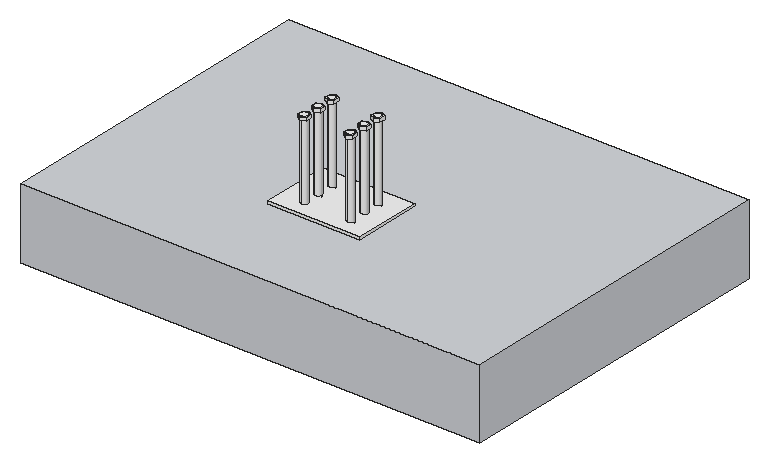
Revit family "M_Placa de base de concreto com âncoras", category Conexões estruturais, Revit 2019
Family settings
  Hospedeiro = Face
  Material para o comportamento do modelo = Outros
  Número OmniClass = 23.25.05.17.11
  Título OmniClass = Column Bases
  ID de item do Seek = Column Base Plate with Anchors-0000-CAN-ENU
  Ativar corte em vistas = Não
  Corte com vazios quando carregada = Não
  Compartilhado = Não
Parameters (values of type "10mm")
  Largura [instance] = 300 mm
  Espessura = 10 mm
  Raio da vara [instance] = 15 mm
  Material da placa = Metal - Aço 345 MPa
  Número de parafusos [instance] = 3
  Comprimento [instance] = 400 mm
  Raio do gancho [instance] = 27 mm
  Comprimento do gancho [instance] = 100 mm
  Espaçamento vertical do furo [instance] = 150 mm
  Espaçamento horizontal do furo [instance] = 200 mm
  Elevação-padrão = 1200 mm
  Tipo da âncora = M_Vara de âncora : M_Vara de âncora
  Material da âncora = Metal - Aço 345 MPa
  Comprimento da âncora [instance] = 350 mm
Types (7, lengths in mm): name | Espessura | Tipo da âncora | Material da âncora
  (no name) | 10 | M_Vara de âncora : M_Vara de âncora | Metal - Aço 345 MPa
  25mm | 25 | M_Vara de âncora-Gancho : M_Vara de âncora-Gancho | none
  5mm | 5 | M_Vara de âncora-Gancho : M_Vara de âncora-Gancho | none
  10mm | 10 | M_Vara de âncora : M_Vara de âncora | Metal - Aço 345 MPa
  15mm | 15 | M_Vara de âncora-Gancho : M_Vara de âncora-Gancho | none
  20mm | 20 | M_Vara de âncora : M_Vara de âncora | none
  30mm | 30 | M_Vara de âncora : M_Vara de âncora | none
Reference planes
  plane 1 "Centro (Frente/Trás)": y = 0
  plane 2: z = 0
  plane 3 "Centro (Esquerda/Direita)": x = 0
  plane 4: x = -200
  plane 5: x = 200
  plane 6: y = 150
  plane 7: y = -150
  plane 8: y = 75
  plane 9: y = -75
  plane 10: x = -100
  plane 11: x = 100
  plane 12: z = 10
  plane 13: y = 150
  plane 14: y = -150
  plane 15: x = -200
  plane 16: x = 200
  plane 17: y = 75
  plane 18: y = -75
  plane 19: x = -100
  plane 20: x = 100
Forms (mm)
  Extrusion 1, solid
    sketch origin (0, 0, 0) x (1, 0, 0) y (0, 1, 0)
      loop
        line (-939.8, 889) -> (-939.8, -567.933) -> (1059.399, -567.933) -> (1059.399, 889) -> (-939.8, 889)
    from 0 to -304.8
  Extrusion 2, solid, material "Metal - Aço 345 MPa" <- "Material da placa"
    sketch origin (0, 0, 0) x (1, 0, 0) y (0, 1, 0)
      loop
        line (-200, 150) -> (-200, -150) -> (200, -150) -> (200, 150) -> (-200, 150)
    from 0 to 10
Dimensions and locks
  "Comprimento": plane 4 to plane 5
  equal spacing: plane 4, plane 3 "Centro (Esquerda/Direita)", plane 5
  equal spacing: plane 7, plane 1 "Centro (Frente/Trás)", plane 6
  "Largura": plane 7 to plane 6
  equal spacing: plane 9, plane 1 "Centro (Frente/Trás)", plane 8
  "Espaçamento vertical do furo": plane 9 to plane 8
  equal spacing: plane 10, plane 3 "Centro (Esquerda/Direita)", plane 11
  "Espaçamento horizontal do furo": plane 10 to plane 11
  "Espessura": plane 12 to plane 2
  equal spacing: group 1, group 3, group 2  (x3)
  equal spacing: group 4, group 6, group 5  (x3)
  aligned and locked: plane 2 to Extrusion 1
  aligned and locked: level to Extrusion 1
  aligned and locked: plane 4 to Extrusion 2 sketch curve
  aligned and locked: Extrusion 2 sketch curve to plane 6
  aligned and locked: plane 7 to Extrusion 2 sketch curve
  aligned and locked: plane 5 to Extrusion 2 sketch curve
  aligned and locked: plane 12 to Extrusion 2
  aligned and locked: Extrusion 2 to level
  aligned and locked: nested 2 to plane 9
  aligned and locked: plane 10 to nested 2
  aligned and locked: nested 1 to plane 11
  aligned and locked: nested 1 to plane 9
  aligned and locked: nested 3 to plane 8
  aligned and locked: plane 10 to nested 3
  aligned and locked: plane 8 to nested 5
  aligned and locked: plane 11 to nested 5
  aligned and locked: plane 2 to nested 2
  aligned and locked: plane 2 to nested 1
  aligned and locked: plane 2 to nested 3
  aligned and locked: plane 2 to nested 5
  aligned and locked: plane 6 to plane 13
  aligned and locked: plane 14 to plane 7
  aligned and locked: plane 4 to plane 15
  aligned and locked: plane 16 to plane 5
  aligned and locked: plane 8 to plane 17
  aligned and locked: plane 18 to plane 9
  aligned and locked: plane 10 to plane 19
  aligned and locked: plane 20 to plane 11
Automatic sketch dimensions
  Extrusion 1 sketch curve to Extrusion 1 sketch curve = 1999.199 mm
  Extrusion 1 sketch curve to Extrusion 1 sketch curve = 1456.933 mm
Nested families
  nested 1: "M_Vara de âncora" at (100, -75, 0) x (-1, 0, 0) z (0, 0, 1), type <- "Tipo da âncora", type "M_Vara de âncora"
    with Raio da vara 15 mm, Largura do parafuso 39.525 mm, Comprimento da âncora 350 mm
  nested 2: "M_Vara de âncora" at (-100, -75, 0), type <- "Tipo da âncora", type "M_Vara de âncora"
    with Raio da vara 15 mm, Largura do parafuso 39.525 mm, Comprimento da âncora 350 mm
  nested 3: "M_Vara de âncora" at (-100, 75, 0), type <- "Tipo da âncora", type "M_Vara de âncora"
    with Raio da vara 15 mm, Largura do parafuso 39.525 mm, Comprimento da âncora 350 mm
  nested 4: "M_Vara de âncora" at (-100, 0, 0), type <- "Tipo da âncora", type "M_Vara de âncora"
    with Raio da vara 15 mm, Largura do parafuso 39.525 mm, Comprimento da âncora 350 mm
  nested 5: "M_Vara de âncora" at (100, 75, 0) x (-1, 0, 0) z (0, 0, 1), type <- "Tipo da âncora", type "M_Vara de âncora"
    with Raio da vara 15 mm, Largura do parafuso 39.525 mm, Comprimento da âncora 350 mm
  nested 6: "M_Vara de âncora" at (100, 0, 0) x (-1, 0, 0) z (0, 0, 1), type <- "Tipo da âncora", type "M_Vara de âncora"
    with Raio da vara 15 mm, Largura do parafuso 39.525 mm, Comprimento da âncora 350 mm
Definition of nested family "M_Vara de âncora"
  Parameters
    Raio da vara = 12.7 mm
    Largura do parafuso = Raio da vara * 2 + 9.525 mm  # 34.925 mm
    Assembly Code = ""
    Material da âncora = none
    Comprimento da âncora = 381 mm
  Reference planes
    plane 1 "Centro (Frente/Trás)": y = 0
    plane 2: z = 0
    plane 3 "Centro (Esquerda/Direita)": x = 0
    plane 4: x = 17.463
    plane 5: x = -17.462
    plane 6: through (18.256, 9.624, 1219.2) normal (-0.5, -0.866, 0)
    plane 7: through (-18.256, 9.624, 1219.2) normal (-0.5, 0.866, 0)
    plane 8: through (0.794, -20.622, 1219.2) normal (-0.5, -0.866, 0)
    plane 9: through (-0.794, -20.622, 1219.2) normal (-0.5, 0.866, 0)
    plane 10: through (0, 0, 1219.2) normal (-0.5, 0.866, 0)
    plane 11: through (0, 0, 1219.2) normal (-0.5, -0.866, 0)
    plane 12: z = 381
    plane 13: z = -19.05
    plane 14: z = -50.8
  Forms (mm)
    Sweep 1, solid, material <- "Material da âncora"
      path origin (0, 0, 0) x (1, 0, 0) y (0, 0, 1)
        loop
          line (0, 381) -> (0, -50.8)
      profile origin (0, 0, 165.1) x (0, -1, 0) y (1, 0, 0)
        loop
          circle (0, 0) r 12.7
    Extrusion 2, solid, material <- "Material da âncora"
      sketch origin (0, 0, 0) x (1, 0, 0) y (0, 1, 0)
        loop
          line (0, 20.164) -> (-17.462, 10.082) -> (-17.462, -10.082) -> (0, -20.164) -> (17.463, -10.082) -> (17.463, 10.082) -> (0, 20.164)
      from 0 to -19.05
    Extrusion 3, solid, material <- "Material da âncora"
      sketch origin (0, 0, 749.3) x (0, -1, 0) y (1, 0, 0)
        loop
          line (-10.082, -17.463) -> (10.082, -17.463) -> (20.164, 0) -> (10.082, 17.463) -> (-10.082, 17.463) -> (-20.164, 0) -> (-10.082, -17.463)
      from -381 to -368.3
  Cuts and joins
    joined: Sweep 1, Extrusion 2
  Dimensions and locks
    equal spacing: plane 5, plane 3 "Centro (Esquerda/Direita)", plane 4
    "Largura do parafuso": plane 5 to plane 4
    "Largura do parafuso": plane 6 to plane 8
    "Largura do parafuso": plane 7 to plane 9
    equal spacing: plane 7, plane 10, plane 9
    equal spacing: plane 6, plane 11, plane 8
    "Comprimento da âncora": plane 12 to plane 2
    locked: plane 2 to plane 13 at 19.05
    locked: plane 2 to plane 14 at 50.8
    locked: plane 12 to Extrusion 3 at 12.7
    "Raio da vara": radius of Sweep 1 sketch curve
    locked: plane 1 "Centro (Frente/Trás)" to plane 10 (angle 30.00°)
    locked: plane 11 to plane 1 "Centro (Frente/Trás)" (angle 30.00°)
    aligned and locked: plane 9 to Extrusion 2 sketch curve
    aligned and locked: plane 5 to Extrusion 2 sketch curve
    aligned and locked: Extrusion 2 to level
    aligned and locked: Sweep 1 sketch curve to plane 3 "Centro (Esquerda/Direita)"
    aligned and locked: plane 12 to Sweep 1 sketch curve
    aligned and locked: plane 14 to Sweep 1 sketch curve
    aligned and locked: Extrusion 3 to plane 12
    aligned and locked: plane 13 to Extrusion 2
  Automatic sketch dimensions
    Sweep 1 sketch curve to plane 1 "Centro (Frente/Trás)" = 0 mm
    Sweep 1 sketch curve to profile plane = 0 mm
    Extrusion 2 sketch curve to plane 3 "Centro (Esquerda/Direita)" = 0 mm  (x2)
    Extrusion 2 sketch curve to plane 4 = 0 mm
    Extrusion 2 sketch curve to plane 8 = 0 mm
    Extrusion 2 sketch curve to plane 6 = 0 mm  (x2)
    Extrusion 2 sketch curve to plane 7 = 0 mm
    Extrusion 3 sketch curve to plane 3 "Centro (Esquerda/Direita)" = 0 mm  (x2)
    Extrusion 3 sketch curve to plane 6 = 0 mm  (x2)
    Extrusion 3 sketch curve to plane 5 = 0 mm
    Extrusion 3 sketch curve to plane 7 = 0 mm
    Extrusion 3 sketch curve to plane 4 = 0 mm
    Extrusion 3 sketch curve to plane 9 = 0 mm
    Extrusion 3 sketch curve to plane 8 = 0 mm  (x2)
